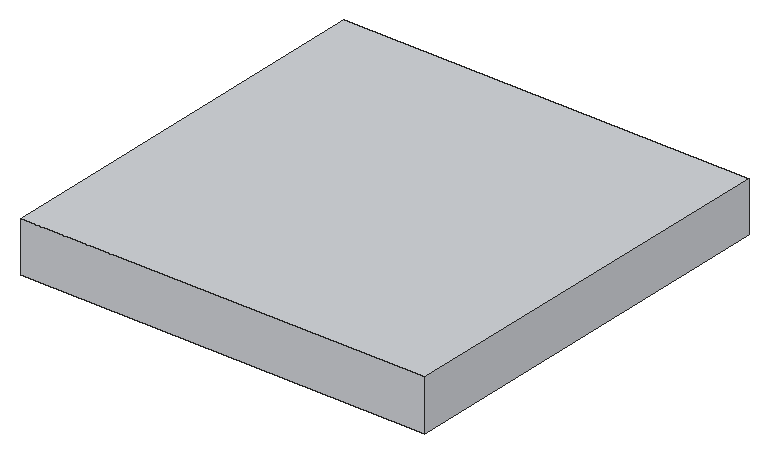
Revit family "XXX_FMI_Rettungswegsteuerung", category Sicherheitsgeräte, Revit 2014
Parameters (values of type "Tür mit RWS")
  Tür mit RWS = yes
  Nottaster mit Schlüsselschalter = no
  Kurzzeichen = "2"
  Schlüsselschalter = no
  Breite = Länge  # 80 mm
  Radius = Durchmesser * 0.5  # 35 mm
  Material = none
  Länge = 80 mm
  Durchmesser = 70 mm
  Tiefe = 65 mm
  Vorgabe-Ansicht = 300 mm
  Beschriftung = "RWS"
Types (3, lengths in mm): name | Tür mit RWS | Nottaster mit Schlüsselschalter | Schlüsselschalter | Beschriftung
  Tür mit RWS | yes | no | no | "RWS"
  Nottaster mit Schlüsselschalter | no | yes | no | "RWS"
  Schlüsselschalter | no | no | yes | "S"
Reference planes
  plane 1 "Mitte (Vorne/Hinten)": y = 0
  plane 2: z = 0
  plane 3 "Mitte (Links/Rechts)": x = 0
  plane 4: z = 7
  plane 5: z = -65
  plane 6: x = -40
  plane 7: x = 40
  plane 8: y = 40
  plane 9: y = -40
Forms (mm)
  Extrusion 1, solid
    sketch origin (0, 0, 0) x (1, 0, 0) y (0, 1, 0)
      loop
        line (-1219.2, 1219.2) -> (-1219.2, -1219.2) -> (1219.2, -1219.2) -> (1219.2, 1219.2) -> (-1219.2, 1219.2)
    from 0 to -304.8
  Extrusion 2, solid, material <- "Material", not visible
    sketch origin (0, 0, 0) x (1, 0, 0) y (0, 1, 0)
      loop
        line (-40, 40) -> (-40, -40) -> (40, -40) -> (40, 40) -> (-40, 40)
    from 0 to 7
Lines and regions (mm)
  symbolic lines, detail levels fine
    curve 1: line (-40, 0, 7) -> (40, 0, 7)
    curve 2: line (-40, 0, 0) -> (-40, 0, 7)
    curve 3: line (40, 0, 0) -> (-40, 0, 0)
    curve 4: line (40, 0, 7) -> (40, 0, 0)
    curve 5: line (-35, 0, -65) -> (-35, 0, 0)
    curve 6: line (35, 0, -65) -> (-35, 0, -65)
    curve 7: line (35, 0, 0) -> (35, 0, -65)
Dimensions and locks
  locked: plane 4 to plane 2 at 7
  "Tiefe": plane 2 to plane 5
  equal spacing: plane 6, plane 3 "Mitte (Links/Rechts)", plane 7
  "Länge": plane 6 to plane 7
  equal spacing: plane 8, plane 1 "Mitte (Vorne/Hinten)", plane 9
  "Breite": plane 8 to plane 9
  aligned and locked: plane 2 to Extrusion 1
  aligned and locked: level to Extrusion 1
  aligned and locked: Extrusion 2 sketch curve to plane 8
  aligned and locked: plane 6 to Extrusion 2 sketch curve
  aligned and locked: plane 9 to Extrusion 2 sketch curve
  aligned and locked: Extrusion 2 sketch curve to plane 7
  aligned and locked: Extrusion 2 to plane 2
  aligned and locked: plane 4 to Extrusion 2
  aligned and locked: plane 2 to curve 3
  aligned and locked: curve 1 to plane 4
  aligned and locked: curve 4 to plane 7
  aligned and locked: plane 6 to curve 2
  aligned and locked: plane 2 to curve 7
  aligned and locked: plane 5 to curve 6
Automatic sketch dimensions
  Extrusion 1 sketch curve to Extrusion 1 sketch curve = 2438.4 mm  (x2)
  plane 6 to curve 5 = 5 mm
  curve 7 to plane 7 = 5 mm
Nested families
  nested 1: "Türampel" at (0, 0, 0), visible <- "Nottaster mit Schlüsselschalter", type "Türampel"
  nested 2: "Quadrat Beschriftung" at (4.138, 0, 0), visible <- "Schlüsselschalter", type "Quadrat Beschriftung"
  nested 3: "Rechteck Beschriftung" at (-5.624, 0, 0), visible <- "Tür mit RWS", type "Rechteck Beschriftung"
Definition of nested family "Türampel"
  Parameters (values of type "Türampel")
    Beschriftung unten = ""
    Beschriftung oben = ""
  Reference planes
    plane 1: y = 0
    plane 2: x = 0
  Lines and regions (mm)
    detail lines, style "FMI_Sicherheitsgeraete"
      curve 1: line (-2, -3.5, 0) -> (2, -3.5, 0)
      curve 2: line (-2, 3.5, 0) -> (-2, -3.5, 0)
      curve 3: line (2, 3.5, 0) -> (-2, 3.5, 0)
      curve 4: line (2, -3.5, 0) -> (2, 3.5, 0)
    detail lines, style "FMI_Sicherheitsgeraete_duenn"
      curve 5: circle (0, 1.647, 0) r 1.248 normal (0, 0, 1)
      curve 6: circle (0, -1.765, 0) r 1.248 normal (0, 0, 1)
  Text (mm)
    label "N\n\nS" at (0.005, 0.01, 0), shows "Beschriftung oben", "Beschriftung unten"
Definition of nested family "Quadrat Beschriftung"
  Parameters (values of type "Quadrat Beschriftung")
    Beschriftung = "S"
  Reference planes
    plane 1: y = 0
    plane 2: x = 0
  Lines and regions (mm)
    detail lines, style "FMI_Sicherheitsgeraete"
      curve 1: line (-2, -2, 0) -> (2, -2, 0)
      curve 2: line (-2, 2, 0) -> (-2, -2, 0)
      curve 3: line (2, 2, 0) -> (-2, 2, 0)
      curve 4: line (2, -2, 0) -> (2, 2, 0)
    detail lines, style "FMI_Sicherheitsgeraete_duenn"
      curve 5: circle (0, 0, 0) r 1.6 normal (0, 0, 1)
  Text (mm)
    label "XX" at (0.01, 0, 0), shows "Beschriftung"
Definition of nested family "Rechteck Beschriftung"
  Parameters (values of type "Rechteck Beschriftung")
    Beschriftung = "RWS"
  Reference planes
    plane 1: y = 0
    plane 2: x = 0
  Lines and regions (mm)
    detail lines, style "FMI_Sicherheitsgeraete"
      curve 1: line (-3.5, -2, 0) -> (3.5, -2, 0)
      curve 2: line (-3.5, 2, 0) -> (-3.5, -2, 0)
      curve 3: line (3.5, 2, 0) -> (-3.5, 2, 0)
      curve 4: line (3.5, -2, 0) -> (3.5, 2, 0)
  Text (mm)
    label "XX" at (0.01, 0, 0), shows "Beschriftung"
